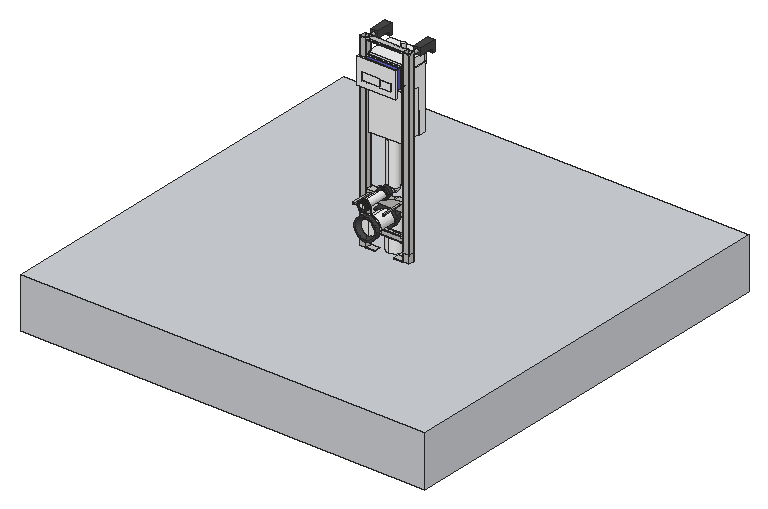
Revit family "IS_Prosys_E2332_BIM_NL", category Plumbing Fixtures, host Face, Revit 2019
Family settings
  Host = Face
  Round Connector Dimension = Use Diameter
  Part Type = Normal
  OmniClass Number = 23.45.05.21.11.11
  OmniClass Title = Water Operated Water Closets
  Cut with Voids When Loaded = No
  Shared = Yes
  Room Calculation Point = No
Parameters (values of type "E2332AC - ECO WC FRAME CL1 OLEAS M2 WHITE F/PLATE")
  WaterEfficientProduct = no
  WarrantyStartDate [instance] = "1900-12-31T23:59:59"
  WarrantyGuarantorParts = Manufacturer  # "https://www.idealstandard.nl/"
  WarrantyGuarantorLabor = "n/a"
  WarrantyDurationUnit = "year"
  WarrantyDurationParts = "5"
  WarrantyDurationLabor = "n/a"
  WarrantyDescription = "Manufacturers Warranty"
  WRAS = no
  WFU = 0
  VolumeUnits = "Litres"
  Version = "1"
  Uniclass2015Version = "V1.20"
  Uniclass2015Title = "WC pan backrests"
  Uniclass2015Reference = "Pr_40_20_76_98"
  Uniclass2015Description = "WC pan backrests"
  Uniclass2015Code = "Pr_40_20_76_98"
  Uniclass2 = "Pr_40_20_93_89"
  URL = "www.idealstandard.nl"
  Type Comments = "n/a"
  ToiletType = "Other"
  ToiletPanType = "WashDown"
  TagNumber [instance] = "n/a"
  SustainabilityPerformance = "n/a"
  SpilloverLevel = 0 mm
  Space = "Internal"
  Size = "300 x 190 x 1082 mm"
  Shape = "Sculptured"
  SerialNumber [instance] = "n/a"
  Revision = "n/a"
  ReplacementCost = "n/a"
  ProductInformation = "https://www.idealstandard.nl/producten/catalogus/inbouwspoelreservoirs/toilet-frames"
  Phone = "077 355 08 08"
  PanMounting = "n/a"
  PanMaterial = "n/a"
  PanColor = "n/a"
  NominalWidth = 300 mm
  NominalLength = 190 mm
  NominalHeight = 1081.768 mm
  NominalDepth = 190 mm
  NettWeight = "11.50 Kg"
  Name = "WCpanbackrests_Prossys_R0279_IdealStandard"
  NBSTypeID = "n/a"
  NBSReference = "45-35-72/382"
  NBSOfficeMasterTag = "n/a"
  NBSNote = "n/a"
  NBSDescription = "WC pan backrests"
  NBSCertification = "n/a"
  ModelReference = Description  # "PROSYS ECO WC FRAME CLASS 1 300MM WIDE X 1150MM HIGH MECHANICAL"
  ModelNumber = Model  # "E2332AC"
  Model = "E2332AC"
  Max_Component_Height(0-200mm) [instance] = 50 mm
  Max_Component_Height [instance] = if([Max_Component_Height(0-200mm)] > 200 mm, 200 mm, if([Max_Component_Height(0-200mm)] < 0 mm, 0 mm, [Max_Component_Height(0-200mm)]))  # 50 mm
  ManufacturerURL = "www.idealstandard.nl"
  Manufacturer = "https://www.idealstandard.nl/"
  LinearUnits = "millimeters"
  Keynote = "n/a"
  InstallationInstructions = "https://www.idealstandard.nl/producten/catalogus/inbouwspoelreservoirs/toilet-frames"
  InstallationDate [instance] = "1900-12-31T23:59:59"
  IfcExportType = "CISTERN"
  IfcExportAs = "IfcSanitaryTerminalType"
  Help = "https://www.idealstandard.nl/over-ons/contact-service"
  HWFU = 0
  GrossWeight = "n/a"
  Grade = "n/a"
  Flush_Distance(10-90mm) [instance] = 50 mm
  Flush_Distance [instance] = if([Flush_Distance(10-90mm)] > 90 mm, 90 mm, if([Flush_Distance(10-90mm)] < 10 mm, 10 mm, [Flush_Distance(10-90mm)]))  # 50 mm
  FlushPlate_Material = PVC_White
  Finish = "White"
  Features = "WC FRAME CLASS 1 300MM WIDE X 1150MM HIGH MECHANICAL"
  ExpectedLife = "30"
  ECA = no
  DurationUnit = "year"
  DistributedBy = "n/a"
  Description = "PROSYS ECO WC FRAME CLASS 1 300MM WIDE X 1150MM HIGH MECHANICAL"
  Default Elevation = 0 mm
  CurrencyUnit = "n/a"
  CreatedOn = "2019-12-08"
  Cost = 0
  Constituents = "n/a"
  ConnectionType = "Plumbing"
  CodePerformance = "n/a"
  Category = "n/a"
  CWFU = 0
  Brand = "Ideal Standrad"
  BarCode = "3391500584099"
  BREEAMApproved = no
  BIMObjectName = "IS_IdealStandard_WCpanbackrests_Prosys_E2332"
  Author = "Ideal Standard"
  AssetType = "Fixed"
  AssetIdentifier [instance] = "n/a"
  Assembly Code = "C1030200"
  AreaUnits = "millimeters"
  AreaMeasurement = "n/a"
  Accessories = "https://www.idealstandard.nl/producten/collecties/prosys"
  AccessibilityPerformance = "n/a"
Types (2, lengths in mm): name | ModelNumber | Model | FlushPlate_Material | Finish | BarCode
  E2332AA - ECO WC FRAME CL1 OLEAS M2 CHROME F/PLATE | "E2332AA" | "E2332AA" | Chrome_Polished | "Chrome" | "3391500584082"
  E2332AC - ECO WC FRAME CL1 OLEAS M2 WHITE F/PLATE | "E2332AC" | "E2332AC" | PVC_White | "White" | "3391500584099"
Reference planes
  plane 1 "Center (Front/Back)": y = 0
  plane 2: z = 0
  plane 3 "Center (Left/Right)": x = 0
  plane 4: y = 0
  plane 5: z = 0
  plane 6: y = -50
  plane 7: z = 51.768
  plane 8: z = 1.768
  plane 9: z = 922.518
Forms (mm)
  Extrusion 1, solid
    sketch origin (0, 0, 0) x (1, 0, 0) y (0, 1, 0)
      loop
        line (-1219.2, 1219.2) -> (-1219.2, -1219.2) -> (1219.2, -1219.2) -> (1219.2, 1219.2) -> (-1219.2, 1219.2)
    from 0 to -304.8
  Extrusion 2, solid, material "Steel"
    sketch origin (-131.695, 30.48, 51.768) x (-1, 0, 0) y (0, -1, 0)
      loop
        arc (18, 27.473) -> (17.119, 29.599) -> (14.993, 30.48) r 3.007
        line (14.993, 30.48) -> (-18.965, 30.48)
        arc (-18.965, 30.48) -> (-21.111, 29.591) -> (-22, 27.445) r 3.035
        line (-22, 27.445) -> (-22, -6.493)
        arc (-22, -6.493) -> (-21.114, -8.634) -> (-18.973, -9.52) r 3.027
        line (-18.973, -9.52) -> (15.014, -9.52)
        arc (15.014, -9.52) -> (17.125, -8.645) -> (18, -6.534) r 2.986
        line (18, -6.534) -> (18, 27.473)
      loop
        line (-19.035, -7.52) -> (15.021, -7.52)
        arc (15.021, -7.52) -> (15.713, -7.233) -> (16, -6.541) r 0.979
        line (16, -6.541) -> (16, 27.474)
        arc (16, 27.474) -> (15.705, 28.185) -> (14.994, 28.48) r 1.006
        line (14.994, 28.48) -> (-18.971, 28.48)
        arc (-18.971, 28.48) -> (-19.699, 28.179) -> (-20, 27.451) r 1.029
        line (-20, 27.451) -> (-20, -6.555)
        arc (-20, -6.555) -> (-19.717, -7.237) -> (-19.035, -7.52) r 0.965
    from 0 to 1080
  Extrusion 3, solid, material "Steel"
    sketch origin (132.305, 30.48, 51.768) x (1, 0, 0) y (0, 1, 0)
      loop
        line (18, -27.473) -> (18, 6.534)
        arc (18, 6.534) -> (17.125, 8.645) -> (15.014, 9.52) r 2.986
        line (15.014, 9.52) -> (-18.973, 9.52)
        arc (-18.973, 9.52) -> (-21.114, 8.634) -> (-22, 6.493) r 3.027
        line (-22, 6.493) -> (-22, -27.445)
        arc (-22, -27.445) -> (-21.111, -29.591) -> (-18.965, -30.48) r 3.035
        line (-18.965, -30.48) -> (14.993, -30.48)
        arc (14.993, -30.48) -> (17.119, -29.599) -> (18, -27.473) r 3.007
      loop
        arc (-19.035, 7.52) -> (-19.717, 7.237) -> (-20, 6.555) r 0.965
        line (-20, 6.555) -> (-20, -27.451)
        arc (-20, -27.451) -> (-19.699, -28.179) -> (-18.971, -28.48) r 1.029
        line (-18.971, -28.48) -> (14.994, -28.48)
        arc (14.994, -28.48) -> (15.705, -28.185) -> (16, -27.474) r 1.006
        line (16, -27.474) -> (16, 6.541)
        arc (16, 6.541) -> (15.713, 7.233) -> (15.021, 7.52) r 0.979
        line (15.021, 7.52) -> (-19.035, 7.52)
    from 0 to 1080
  Extrusion 4, solid, material "Steel"
    sketch origin (-1523.695, 0, -0.232) x (1, 0, 0) y (0, 1, 0)
      loop
        arc (1376.979, 38) -> (1376.287, 37.713) -> (1376, 37.021) r 0.979
        line (1376, 37.021) -> (1376, 3.006)
        arc (1376, 3.006) -> (1376.295, 2.295) -> (1377.006, 2) r 1.006
        line (1377.006, 2) -> (1410.971, 2)
        arc (1410.971, 2) -> (1411.699, 2.301) -> (1412, 3.029) r 1.029
        line (1412, 3.029) -> (1412, 37.035)
        arc (1412, 37.035) -> (1411.717, 37.717) -> (1411.035, 38) r 0.965
        line (1411.035, 38) -> (1376.979, 38)
    from 0 to 52
  Extrusion 5, solid, material "Steel"
    sketch origin (1524.305, 0, -0.232) x (-1, 0, 0) y (0, -1, 0)
      loop
        line (1376.979, -38) -> (1411.035, -38)
        arc (1411.035, -38) -> (1411.717, -37.717) -> (1412, -37.035) r 0.965
        line (1412, -37.035) -> (1412, -3.029)
        arc (1412, -3.029) -> (1411.699, -2.301) -> (1410.971, -2) r 1.029
        line (1410.971, -2) -> (1377.006, -2)
        arc (1377.006, -2) -> (1376.295, -2.295) -> (1376, -3.006) r 1.006
        line (1376, -3.006) -> (1376, -37.021)
        arc (1376, -37.021) -> (1376.287, -37.713) -> (1376.979, -38) r 0.979
    from 0 to 52
  Extrusion 6, solid, material "Steel"
    sketch origin (-1523.695, 0, -0.232) x (1, 0, 0) y (0, 1, 0)
      loop
        line (1412, 0) -> (1467, 0) -> (1467, 40) -> (1412, 40) -> (1412, 0)
    from 0 to 2
  Extrusion 7, solid, material "Steel"
    sketch origin (1524.305, 0, -0.232) x (-1, 0, 0) y (0, -1, 0)
      loop
        line (1412, 0) -> (1412, -40) -> (1467, -40) -> (1467, 0) -> (1412, 0)
    from 0 to 2
  Extrusion 8, solid, material "Steel"
    sketch origin (0.305, -1524, -18.232) x (0, 1, 0) y (0, 0, 1)
      loop
        line (1550.952, 150) -> (1527.001, 150)
        arc (1527.001, 150) -> (1524.879, 149.121) -> (1524, 146.999) r 3.001
        line (1524, 146.999) -> (1524, 122.952)
        arc (1524, 122.952) -> (1524.865, 120.865) -> (1526.952, 120) r 2.952
        line (1526.952, 120) -> (1550.952, 120)
        arc (1550.952, 120) -> (1553.107, 120.893) -> (1554, 123.048) r 3.048
        line (1554, 123.048) -> (1554, 146.952)
        arc (1554, 146.952) -> (1553.107, 149.107) -> (1550.952, 150) r 3.048
    from -110 to 110
  Extrusion 9, solid, material "Steel"
    sketch origin (0.305, -1524, -18.232) x (0, 1, 0) y (0, 0, 1)
      loop
        line (1561.012, 1150) -> (1527.036, 1150)
        arc (1527.036, 1150) -> (1524.889, 1149.111) -> (1524, 1146.964) r 3.036
        line (1524, 1146.964) -> (1524, 1142) -> (1525.5, 1142) -> (1525.5, 1147.004)
        arc (1525.5, 1147.004) -> (1525.938, 1148.062) -> (1526.996, 1148.5) r 1.496
        line (1526.996, 1148.5) -> (1560.984, 1148.5)
        arc (1560.984, 1148.5) -> (1562.056, 1148.056) -> (1562.5, 1146.984) r 1.516
        line (1562.5, 1146.984) -> (1562.5, 1142) -> (1564, 1142) -> (1564, 1147.012)
        arc (1564, 1147.012) -> (1563.125, 1149.125) -> (1561.012, 1150) r 2.988
    from -110 to 110
  Extrusion 10, solid, material "Rubber_Black"
    sketch origin (-149.695, 190, 1131.768) x (0, 0, -1) y (0, -1, 0)
      loop
        line (0, 105) -> (0, 0) -> (65, 0) -> (65, 10) -> (56, 10)
        arc (56, 10) -> (45.393, 14.393) -> (41, 25) r 15
        line (41, 25) -> (41, 105) -> (0, 105)
    from 0 to -40
  Extrusion 11, solid, material "Rubber_Black"
    sketch origin (150.305, 190, 1131.768) x (0, 0, -1) y (0, 1, 0)
      loop
        line (0, -105) -> (41, -105) -> (41, -25)
        arc (41, -25) -> (45.393, -14.393) -> (56, -10) r 15
        line (56, -10) -> (65, -10) -> (65, 0) -> (0, 0) -> (0, -105)
    from 0 to -40
  Extrusion 12, solid, material "Steel"
    sketch origin (-149.695, 85, 1090.768) x (0, 0, 1) y (-1, 0, 0)
      loop
        circle (20.982, -19.986) r 7.741
    from 0 to 45
  Extrusion 13, solid, material "Steel"
    sketch origin (150.305, 85, 1090.768) x (0, 0, 1) y (-1, 0, 0)
      loop
        circle (20.982, 19.986) r 7.741
    from 0 to 45
  Extrusion 14, solid, material "Steel"
    sketch origin (-1523.695, 0, -18.232) x (1, 0, 0) y (0, 0, 1)
      loop
        line (1480.405, 328.343) -> (1460.973, 334.611)
        arc (1460.973, 334.611) -> (1437.775, 340.141) -> (1414, 342) r 153
        line (1414, 342) -> (1414, 285) -> (1634, 285) -> (1634, 342)
        arc (1634, 342) -> (1610.225, 340.141) -> (1587.027, 334.611) r 153
        line (1587.027, 334.611) -> (1567.595, 328.343)
        arc (1567.595, 328.343) -> (1524, 321.485) -> (1480.405, 328.343) r 142
    from 0 to -40
  Extrusion 15, void
    sketch origin (0.305, 38.5, 1123.768) x (0, 0, -1) y (-1, 0, 0)
      loop
        line (816.513, -44.517) -> (810.244, -63.948)
        arc (810.244, -63.948) -> (804.822, -86.691) -> (803, -110) r 150
        line (803, -110) -> (854, -110) -> (854, 110) -> (803, 110)
        arc (803, 110) -> (804.822, 86.691) -> (810.244, 63.948) r 150
        line (810.244, 63.948) -> (816.513, 44.517)
        arc (816.513, 44.517) -> (823.515, 0) -> (816.513, -44.517) r 145
    from -26 to 28.6
  Extrusion 16, solid, material "Steel"
    sketch origin (90.305, -120, 301.768) x (-1, 0, 0) y (0, 0, -1)
      loop
        circle (-0.002, -0.002) r 5.998
    from 0 to -200.193
  Extrusion 17, solid, material "Steel"
    sketch origin (-89.695, -120, 301.768) x (1, 0, 0) y (0, 0, 1)
      loop
        circle (-0.002, 0.002) r 5.998
    from 0 to -200.193
  Extrusion 18, solid, material "PVC_White"
    sketch origin (0.305, 97.1, 627.268) x (1, 0, 0) y (0, 1, 0)
      loop
        arc (-99, 89) -> (-106.071, 86.071) -> (-109, 79) r 10
        line (-109, 79) -> (-109, -77.269)
        arc (-109, -77.269) -> (-105.786, -85.027) -> (-98.028, -88.241) r 10.972
        line (-98.028, -88.241) -> (98, -88.241)
        arc (98, -88.241) -> (105.778, -85.019) -> (109, -77.241) r 11
        line (109, -77.241) -> (109, 79)
        arc (109, 79) -> (106.071, 86.071) -> (99, 89) r 10
        line (99, 89) -> (-99, 89)
    from 0 to 375
  Extrusion 19, void
    sketch origin (0.305, 97.1, 990.268) x (0, 1, 0) y (-1, 0, 0)
      loop
        line (63.144, 114.853) -> (93.144, 84.853) -> (93.144, 114.853) -> (63.144, 114.853)
      loop
        line (63.144, -114.853) -> (93.144, -114.853) -> (93.144, -84.853) -> (63.144, -114.853)
    from 0 to -383.5
  Extrusion 20, void
    sketch origin (-32.249, 176.479, 1200.968) x (1, 0, 0) y (0, 0, 1)
      loop
        line (-8.995, -261.702) -> (-11.718, -573.7) -> (76.827, -573.7) -> (74.104, -261.702) -> (-8.995, -261.702)
    from 0 to -26.572
  Extrusion 21, void
    sketch origin (100.302, 166.614, 1200.968) x (0, -1, 0) y (0, 0, 1)
      loop
        line (40.554, -308.7) -> (38.241, -573.7) -> (128.786, -573.7) -> (126.325, -291.7) -> (92.702, -291.7) -> (92.554, -308.7) -> (40.554, -308.7)
    from -14.855 to -0.174
  Extrusion 22, void
    sketch origin (-99.693, 166.614, 1200.968) x (0, -1, 0) y (0, 0, -1)
      loop
        line (40.554, 308.7) -> (92.554, 308.7) -> (92.702, 291.7) -> (126.325, 291.7) -> (128.786, 573.7) -> (38.241, 573.7) -> (40.554, 308.7)
    from -14.855 to -0.174
  Extrusion 23, solid, material "PVC_White"
    sketch origin (0.305, 97.1, 1002.268) x (1, 0, 0) y (0, 1, 0)
      loop
        arc (-98.197, 88.197) -> (-105.268, 85.268) -> (-108.197, 78.197) r 10
        line (-108.197, 78.197) -> (-108.197, -87.914) -> (108.197, -87.914) -> (108.197, 78.197)
        arc (108.197, 78.197) -> (105.268, 85.268) -> (98.197, 88.197) r 10
        line (98.197, 88.197) -> (-98.197, 88.197)
    from 0 to 6.428
  Extrusion 24, solid, material "PVC_White"
    sketch origin (0.305, 97.1, 1008.697) x (1, 0, 0) y (0, 1, 0)
      loop
        line (98.348, 85.322) -> (-98.293, 85.322)
        arc (-98.293, 85.322) -> (-103.263, 83.263) -> (-105.322, 78.293) r 7.029
        line (-105.322, 78.293) -> (-105.322, -80.227)
        arc (-105.322, -80.227) -> (-103.277, -85.163) -> (-98.342, -87.207) r 6.98
        line (-98.342, -87.207) -> (98.281, -87.207)
        arc (98.281, -87.207) -> (103.26, -85.145) -> (105.322, -80.166) r 7.041
        line (105.322, -80.166) -> (105.322, 78.348)
        arc (105.322, 78.348) -> (103.279, 83.279) -> (98.348, 85.322) r 6.974
    from 0 to 48.572
  Extrusion 25, solid, material "PVC_White"
    sketch origin (96.085, 17.32, 1200.968) x (1, 0, 0) y (0, 0, 1)
      loop
        line (4.194, -153.7) -> (-195.774, -153.7)
        arc (-195.774, -153.7) -> (-201.435, -156.045) -> (-203.78, -161.706) r 8.006
        line (-203.78, -161.706) -> (-203.78, -279.7)
        arc (-203.78, -279.7) -> (-202.315, -283.236) -> (-198.78, -284.7) r 5
        line (-198.78, -284.7) -> (7.22, -284.7)
        arc (7.22, -284.7) -> (10.756, -283.236) -> (12.22, -279.7) r 5
        line (12.22, -279.7) -> (12.22, -161.726)
        arc (12.22, -161.726) -> (9.869, -156.051) -> (4.194, -153.7) r 8.026
    from 8.461 to 18.957
  Extrusion 26, solid, material "Plastic_Blue"
    sketch origin (0.305, -46.75, 981.768) x (-1, 0, 0) y (0, 0, -1)
      loop
        line (-89.195, -59.25) -> (89.195, -59.25) -> (92, -56.445) -> (92, 56.445) -> (89.195, 59.25) -> (-89.195, 59.25) -> (-92, 56.445) -> (-92, -56.445) -> (-89.195, -59.25)
    from 3.25 to -89.75
  Extrusion 27, solid, material "Chrome_Polished"
    sketch origin (0.305, 143.9, 1080.235) x (0, 1, 0) y (-1, 0, 0)
      loop
        circle (0, 0) r 10.5
    from 0 to -29.466
  Revolve 28, solid, material "PVC_White"
    sketch origin (0.305, -1524, -18.232) x (0, 1, 0) y (0, 0, 1)
      loop
        line (1590.1, 625) -> (1590.1, 365.951) -> (1624.377, 365.951) -> (1624.377, 625) -> (1590.1, 625)
      axis (1590.1, 625) -> (1590.1, 365.951)
    angle from 0 to 360
  Revolve 29, solid, material "Rubber_Black"
    sketch origin (0.305, -1524, -18.232) x (0, 1, 0) y (0, 0, 1)
      loop
        line (1627.54, 637.809) -> (1635.312, 637.809) -> (1635.577, 645.5) -> (1590.1, 645.5) -> (1590.1, 625) -> (1621.421, 625) -> (1621.421, 632.572) -> (1627.54, 637.809)
      axis (1590.1, 645.5) -> (1590.1, 625)
    angle from 0 to 360
  Revolve 30, solid, material "PVC_White"
    sketch origin (0.305, -1524, -18.232) x (0, 1, 0) y (0, 0, 1)
      loop
        line (1590.1, 355) -> (1590.1, 377.613) -> (1380.64, 377.613) -> (1380.64, 379.953) -> (1378.14, 379.953) -> (1378.14, 377.613) -> (1355.922, 377.613) -> (1355.922, 355) -> (1380.64, 355) -> (1590.1, 355)
      axis (1355.922, 355) -> (1590.1, 355)
    angle from 0 to 360
  Revolve 31, solid, material "Rubber_Black"
    sketch origin (0.305, -1524, -18.232) x (0, 1, 0) y (0, 0, 1)
      loop
        line (1504.35, 385.25) -> (1504.35, 355) -> (1544.35, 355) -> (1544.35, 383.235) -> (1524, 383.235)
        arc (1524, 383.235) -> (1516.911, 388.194) -> (1508.776, 385.25) r 9.388
        line (1508.776, 385.25) -> (1504.35, 385.25)
      axis (1504.35, 355) -> (1544.35, 355)
    angle from 0 to 360
  Revolve 32, solid, material "PVC_White"
    sketch origin (0.305, -1524, -18.232) x (0, 1, 0) y (0, 0, 1)
      loop
        line (1590.1, 400.383) -> (1590.1, 331.519)
        arc (1590.1, 331.519) -> (1624.532, 365.951) -> (1590.1, 400.383) r 34.432
      axis (1590.1, 400.383) -> (1590.1, 331.519)
    angle from 0 to 360
  Revolve 33, solid, material "Rubber_Black"
    sketch origin (0.305, -1524, -18.232) x (0, 1, 0) y (0, 0, 1)
      loop
        line (1355.922, 375) -> (1377.376, 375) -> (1377.376, 378.426) -> (1374.72, 378.426) -> (1374.72, 385.012) -> (1373.677, 385.012) -> (1371.842, 378.426) -> (1368.84, 378.426) -> (1368.84, 385.012) -> (1367.663, 385.012) -> (1365.828, 378.426) -> (1362.96, 378.426) -> (1362.96, 385.012) -> (1361.936, 385.012) -> (1360.101, 378.426) -> (1357.165, 378.426) -> (1357.165, 385.012) -> (1355.922, 385.012) -> (1354.087, 378.426) -> (1352.386, 378.426) -> (1352.386, 375) -> (1355.922, 375)
      axis (1352.386, 355) -> (1377.376, 355)
    angle from 0 to 360
  Revolve 34, solid, material "PVC_White"
    sketch origin (0.305, -1524, -18.232) x (0, 1, 0) y (0, 0, 1)
      loop
        line (1598.811, -65.589) -> (1598.811, 220) -> (1554, 220) -> (1554, -65.589) -> (1598.811, -65.589)
      axis (1598.811, -65.589) -> (1598.811, 220)
    angle from 0 to 360
  Revolve 35, solid, material "PVC_White"
    sketch origin (0.305, -1524, -18.232) x (0, 1, 0) y (0, 0, 1)
      loop
        line (1598.811, 264.811) -> (1598.811, 175.189)
        arc (1598.811, 175.189) -> (1643.622, 220) -> (1598.811, 264.811) r 44.811
      axis (1598.811, 175.189) -> (1598.811, 264.811)
    angle from 0 to 360
  Revolve 36, solid, material "PVC_White"
    sketch origin (0.305, -1524, -18.232) x (0, 1, 0) y (0, 0, 1)
      loop
        line (1402.034, 220) -> (1598.811, 220) -> (1598.811, 265) -> (1428.581, 265) -> (1417.034, 285) -> (1402.034, 285) -> (1402.034, 220)
      axis (1402.034, 220) -> (1598.811, 220)
    angle from 0 to 360
  Revolve 37, solid, material "Rubber_Black"
    sketch origin (0.305, -1524, -18.232) x (0, 1, 0) y (0, 0, 1)
      loop
        line (1402.034, 175) -> (1379.534, 161.528) -> (1379.534, 152.658) -> (1402.034, 152.658) -> (1402.034, 175)
      axis (1379.534, 220) -> (1402.034, 220)
    angle from 0 to 360
  Revolve 38, solid, material "Rubber_Black"
    sketch origin (0.305, -1524, -18.232) x (0, 1, 0) y (0, 0, 1)
      loop
        line (1652.666, -72.5) -> (1654.352, -66.207) -> (1654.352, -18.582) -> (1647.055, -18.582) -> (1647.055, -4) -> (1652.055, -4) -> (1650.748, 10.943) -> (1644.426, 10.943) -> (1644.426, -72.5) -> (1652.666, -72.5)
      axis (1598.811, -72.5) -> (1598.811, 10.943)
    angle from 0 to 360
  Extrusion 39, solid, material "Rubber_Black"
    sketch origin (0.305, 41.061, 201.768) x (0, 0, 1) y (1, 0, 0)
      loop
        circle (0, 0) r 45
      loop
        arc (57.532, 35) -> (43.587, 51.333) -> (25.21, 62.445) r 67.342
        line (25.21, 62.445) -> (0, 58.472)
        arc (0, 58.472) -> (-41.346, 41.346) -> (-58.472, 0) r 58.472
        arc (-58.472, 0) -> (-30.822, -49.689) -> (25.979, -52.384) r 58.472
        line (25.979, -52.384) -> (9.883, -68.48) -> (13.418, -72.016) -> (57.532, -35) -> (65, -35) -> (65, 35) -> (57.532, 35)
    from 0 to -28.561
  Extrusion 40, void
    sketch origin (0.305, -1524, -18.232) x (0, -1, 0) y (0, 0, 1)
      loop
        line (-1704.788, 640.983) -> (-1711.254, 1011.389) -> (-1731.254, 1011.389) -> (-1731.254, 640.983) -> (-1704.788, 640.983)
    from -195.551 to 250
  Extrusion 41, solid, material "PVC_White" <- "FlushPlate_Material"
    sketch origin (0.305, -50, 981.768) x (-1, 0, 0) y (0, 0, -1)
      loop
        line (117, -77) -> (117, 77) -> (-117, 77) -> (-117, -77) -> (117, -77)
      loop
        line (92, 0) -> (92, 46.203) -> (-88.996, 46.203) -> (-88.996, 0) -> (92, 0)
      loop
        line (90.626, 1.62) -> (90.626, 44.696) -> (-17.375, 44.696) -> (-17.375, 1.62) -> (90.626, 1.62)
      loop
        line (-19.908, 1.62) -> (-19.908, 44.696) -> (-86.942, 44.696) -> (-86.942, 1.62) -> (-19.908, 1.62)
    from 0 to 8.5
  Extrusion 42, solid, material "Steel", not visible
    sketch origin (-131.695, 30.48, 69.768) x (-1, 0, 0) y (0, -1, 0)
      loop
        arc (18, 27.473) -> (17.119, 29.599) -> (14.993, 30.48) r 3.007
        line (14.993, 30.48) -> (-18.965, 30.48)
        arc (-18.965, 30.48) -> (-21.111, 29.591) -> (-22, 27.445) r 3.035
        line (-22, 27.445) -> (-22, -6.493)
        arc (-22, -6.493) -> (-21.114, -8.634) -> (-18.973, -9.52) r 3.027
        line (-18.973, -9.52) -> (15.014, -9.52)
        arc (15.014, -9.52) -> (17.125, -8.645) -> (18, -6.534) r 2.986
        line (18, -6.534) -> (18, 27.473)
      loop
        line (-19.035, -7.52) -> (15.021, -7.52)
        arc (15.021, -7.52) -> (15.713, -7.233) -> (16, -6.541) r 0.979
        line (16, -6.541) -> (16, 27.474)
        arc (16, 27.474) -> (15.705, 28.185) -> (14.994, 28.48) r 1.006
        line (14.994, 28.48) -> (-18.971, 28.48)
        arc (-18.971, 28.48) -> (-19.699, 28.179) -> (-20, 27.451) r 1.029
        line (-20, 27.451) -> (-20, -6.555)
        arc (-20, -6.555) -> (-19.717, -7.237) -> (-19.035, -7.52) r 0.965
    from 0 to 1080
  Extrusion 43, solid, material "Steel", not visible
    sketch origin (132.305, 30.48, 69.768) x (1, 0, 0) y (0, 1, 0)
      loop
        line (18, -27.473) -> (18, 6.534)
        arc (18, 6.534) -> (17.125, 8.645) -> (15.014, 9.52) r 2.986
        line (15.014, 9.52) -> (-18.973, 9.52)
        arc (-18.973, 9.52) -> (-21.114, 8.634) -> (-22, 6.493) r 3.027
        line (-22, 6.493) -> (-22, -27.445)
        arc (-22, -27.445) -> (-21.111, -29.591) -> (-18.965, -30.48) r 3.035
        line (-18.965, -30.48) -> (14.993, -30.48)
        arc (14.993, -30.48) -> (17.119, -29.599) -> (18, -27.473) r 3.007
      loop
        arc (-19.035, 7.52) -> (-19.717, 7.237) -> (-20, 6.555) r 0.965
        line (-20, 6.555) -> (-20, -27.451)
        arc (-20, -27.451) -> (-19.699, -28.179) -> (-18.971, -28.48) r 1.029
        line (-18.971, -28.48) -> (14.994, -28.48)
        arc (14.994, -28.48) -> (15.705, -28.185) -> (16, -27.474) r 1.006
        line (16, -27.474) -> (16, 6.541)
        arc (16, 6.541) -> (15.713, 7.233) -> (15.021, 7.52) r 0.979
        line (15.021, 7.52) -> (-19.035, 7.52)
    from 0 to 1080
  Extrusion 44, solid, material "Steel", not visible
    sketch origin (0.305, -1524, -0.232) x (0, 1, 0) y (0, 0, 1)
      loop
        line (1550.952, 150) -> (1527.001, 150)
        arc (1527.001, 150) -> (1524.879, 149.121) -> (1524, 146.999) r 3.001
        line (1524, 146.999) -> (1524, 122.952)
        arc (1524, 122.952) -> (1524.865, 120.865) -> (1526.952, 120) r 2.952
        line (1526.952, 120) -> (1550.952, 120)
        arc (1550.952, 120) -> (1553.107, 120.893) -> (1554, 123.048) r 3.048
        line (1554, 123.048) -> (1554, 146.952)
        arc (1554, 146.952) -> (1553.107, 149.107) -> (1550.952, 150) r 3.048
    from -110 to 110
  Extrusion 45, solid, material "Steel", not visible
    sketch origin (0.305, -1524, -0.232) x (0, 1, 0) y (0, 0, 1)
      loop
        line (1561.012, 1150) -> (1527.036, 1150)
        arc (1527.036, 1150) -> (1524.889, 1149.111) -> (1524, 1146.964) r 3.036
        line (1524, 1146.964) -> (1524, 1142) -> (1525.5, 1142) -> (1525.5, 1147.004)
        arc (1525.5, 1147.004) -> (1525.938, 1148.062) -> (1526.996, 1148.5) r 1.496
        line (1526.996, 1148.5) -> (1560.984, 1148.5)
        arc (1560.984, 1148.5) -> (1562.056, 1148.056) -> (1562.5, 1146.984) r 1.516
        line (1562.5, 1146.984) -> (1562.5, 1142) -> (1564, 1142) -> (1564, 1147.012)
        arc (1564, 1147.012) -> (1563.125, 1149.125) -> (1561.012, 1150) r 2.988
    from -110 to 110
  Extrusion 46, solid, material "Rubber_Black", not visible
    sketch origin (-149.695, 190, 1149.768) x (0, 0, -1) y (0, -1, 0)
      loop
        line (0, 105) -> (0, 0) -> (65, 0) -> (65, 10) -> (56, 10)
        arc (56, 10) -> (45.393, 14.393) -> (41, 25) r 15
        line (41, 25) -> (41, 105) -> (0, 105)
    from 0 to -40
  Extrusion 47, solid, material "Rubber_Black", not visible
    sketch origin (150.305, 190, 1149.768) x (0, 0, -1) y (0, 1, 0)
      loop
        line (0, -105) -> (41, -105) -> (41, -25)
        arc (41, -25) -> (45.393, -14.393) -> (56, -10) r 15
        line (56, -10) -> (65, -10) -> (65, 0) -> (0, 0) -> (0, -105)
    from 0 to -40
  Extrusion 48, solid, material "Steel", not visible
    sketch origin (-149.695, 85, 1108.768) x (0, 0, 1) y (-1, 0, 0)
      loop
        circle (20.982, -19.986) r 7.741
    from 0 to 45
  Extrusion 49, solid, material "Steel", not visible
    sketch origin (150.305, 85, 1108.768) x (0, 0, 1) y (-1, 0, 0)
      loop
        circle (20.982, 19.986) r 7.741
    from 0 to 45
  Extrusion 50, solid, material "Steel", not visible
    sketch origin (-1523.695, 0, -0.232) x (1, 0, 0) y (0, 0, 1)
      loop
        line (1480.405, 328.343) -> (1460.973, 334.611)
        arc (1460.973, 334.611) -> (1437.775, 340.141) -> (1414, 342) r 153
        line (1414, 342) -> (1414, 285) -> (1634, 285) -> (1634, 342)
        arc (1634, 342) -> (1610.225, 340.141) -> (1587.027, 334.611) r 153
        line (1587.027, 334.611) -> (1567.595, 328.343)
        arc (1567.595, 328.343) -> (1524, 321.485) -> (1480.405, 328.343) r 142
    from 0 to -40
  Extrusion 51, void, not visible
    sketch origin (0.305, 38.5, 1141.768) x (0, 0, -1) y (-1, 0, 0)
      loop
        line (816.513, -44.517) -> (810.244, -63.948)
        arc (810.244, -63.948) -> (804.822, -86.691) -> (803, -110) r 150
        line (803, -110) -> (854, -110) -> (854, 110) -> (803, 110)
        arc (803, 110) -> (804.822, 86.691) -> (810.244, 63.948) r 150
        line (810.244, 63.948) -> (816.513, 44.517)
        arc (816.513, 44.517) -> (823.515, 0) -> (816.513, -44.517) r 145
    from -26 to 28.6
  Extrusion 52, solid, material "Steel", not visible
    sketch origin (90.305, -120, 319.768) x (-1, 0, 0) y (0, 0, -1)
      loop
        circle (-0.002, -0.002) r 5.998
    from 0 to -200.193
  Extrusion 53, solid, material "Steel", not visible
    sketch origin (-89.695, -120, 319.768) x (1, 0, 0) y (0, 0, 1)
      loop
        circle (-0.002, 0.002) r 5.998
    from 0 to -200.193
  Extrusion 54, solid, material "PVC_White", not visible
    sketch origin (0.305, 97.1, 645.268) x (1, 0, 0) y (0, 1, 0)
      loop
        arc (-99, 89) -> (-106.071, 86.071) -> (-109, 79) r 10
        line (-109, 79) -> (-109, -77.269)
        arc (-109, -77.269) -> (-105.786, -85.027) -> (-98.028, -88.241) r 10.972
        line (-98.028, -88.241) -> (98, -88.241)
        arc (98, -88.241) -> (105.778, -85.019) -> (109, -77.241) r 11
        line (109, -77.241) -> (109, 79)
        arc (109, 79) -> (106.071, 86.071) -> (99, 89) r 10
        line (99, 89) -> (-99, 89)
    from 0 to 375
  Extrusion 55, void, not visible
    sketch origin (0.305, 97.1, 1008.268) x (0, 1, 0) y (-1, 0, 0)
      loop
        line (63.144, 114.853) -> (93.144, 84.853) -> (93.144, 114.853) -> (63.144, 114.853)
      loop
        line (63.144, -114.853) -> (93.144, -114.853) -> (93.144, -84.853) -> (63.144, -114.853)
    from 0 to -383.5
  Extrusion 56, void, not visible
    sketch origin (-32.249, 176.479, 1218.968) x (1, 0, 0) y (0, 0, 1)
      loop
        line (-8.995, -261.702) -> (-11.718, -573.7) -> (76.827, -573.7) -> (74.104, -261.702) -> (-8.995, -261.702)
    from 0 to -26.572
  Extrusion 57, void, not visible
    sketch origin (100.302, 166.614, 1218.968) x (0, -1, 0) y (0, 0, 1)
      loop
        line (40.554, -308.7) -> (38.241, -573.7) -> (128.786, -573.7) -> (126.325, -291.7) -> (92.702, -291.7) -> (92.554, -308.7) -> (40.554, -308.7)
    from -14.855 to -0.174
  Extrusion 58, void, not visible
    sketch origin (-99.693, 166.614, 1218.968) x (0, -1, 0) y (0, 0, -1)
      loop
        line (40.554, 308.7) -> (92.554, 308.7) -> (92.702, 291.7) -> (126.325, 291.7) -> (128.786, 573.7) -> (38.241, 573.7) -> (40.554, 308.7)
    from -14.855 to -0.174
  Extrusion 59, solid, material "PVC_White", not visible
    sketch origin (0.305, 97.1, 1020.268) x (1, 0, 0) y (0, 1, 0)
      loop
        arc (-98.197, 88.197) -> (-105.268, 85.268) -> (-108.197, 78.197) r 10
        line (-108.197, 78.197) -> (-108.197, -87.914) -> (108.197, -87.914) -> (108.197, 78.197)
        arc (108.197, 78.197) -> (105.268, 85.268) -> (98.197, 88.197) r 10
        line (98.197, 88.197) -> (-98.197, 88.197)
    from 0 to 6.428
  Extrusion 60, solid, material "PVC_White", not visible
    sketch origin (0.305, 97.1, 1026.697) x (1, 0, 0) y (0, 1, 0)
      loop
        line (98.348, 85.322) -> (-98.293, 85.322)
        arc (-98.293, 85.322) -> (-103.263, 83.263) -> (-105.322, 78.293) r 7.029
        line (-105.322, 78.293) -> (-105.322, -80.227)
        arc (-105.322, -80.227) -> (-103.277, -85.163) -> (-98.342, -87.207) r 6.98
        line (-98.342, -87.207) -> (98.281, -87.207)
        arc (98.281, -87.207) -> (103.26, -85.145) -> (105.322, -80.166) r 7.041
        line (105.322, -80.166) -> (105.322, 78.348)
        arc (105.322, 78.348) -> (103.279, 83.279) -> (98.348, 85.322) r 6.974
    from 0 to 48.572
  Extrusion 61, solid, material "PVC_White", not visible
    sketch origin (96.085, 17.32, 1218.968) x (1, 0, 0) y (0, 0, 1)
      loop
        line (4.194, -153.7) -> (-195.774, -153.7)
        arc (-195.774, -153.7) -> (-201.435, -156.045) -> (-203.78, -161.706) r 8.006
        line (-203.78, -161.706) -> (-203.78, -279.7)
        arc (-203.78, -279.7) -> (-202.315, -283.236) -> (-198.78, -284.7) r 5
        line (-198.78, -284.7) -> (7.22, -284.7)
        arc (7.22, -284.7) -> (10.756, -283.236) -> (12.22, -279.7) r 5
        line (12.22, -279.7) -> (12.22, -161.726)
        arc (12.22, -161.726) -> (9.869, -156.051) -> (4.194, -153.7) r 8.026
    from 8.461 to 18.957
  Extrusion 62, solid, material "Chrome_Polished", not visible
    sketch origin (0.305, 143.9, 1098.235) x (0, 1, 0) y (-1, 0, 0)
      loop
        circle (0, 0) r 10.5
    from 0 to -29.466
  Revolve 63, solid, material "PVC_White", not visible
    sketch origin (0.305, -1524, -0.232) x (0, 1, 0) y (0, 0, 1)
      loop
        line (1590.1, 625) -> (1590.1, 365.951) -> (1624.377, 365.951) -> (1624.377, 625) -> (1590.1, 625)
      axis (1590.1, 625) -> (1590.1, 365.951)
    angle from 0 to 360
  Revolve 64, solid, material "Rubber_Black", not visible
    sketch origin (0.305, -1524, -0.232) x (0, 1, 0) y (0, 0, 1)
      loop
        line (1627.54, 637.809) -> (1635.312, 637.809) -> (1635.577, 645.5) -> (1590.1, 645.5) -> (1590.1, 625) -> (1621.421, 625) -> (1621.421, 632.572) -> (1627.54, 637.809)
      axis (1590.1, 645.5) -> (1590.1, 625)
    angle from 0 to 360
  Revolve 65, solid, material "PVC_White", not visible
    sketch origin (0.305, -1524, -0.232) x (0, 1, 0) y (0, 0, 1)
      loop
        line (1590.1, 355) -> (1590.1, 377.613) -> (1380.64, 377.613) -> (1380.64, 379.953) -> (1378.14, 379.953) -> (1378.14, 377.613) -> (1355.922, 377.613) -> (1355.922, 355) -> (1380.64, 355) -> (1590.1, 355)
      axis (1355.922, 355) -> (1590.1, 355)
    angle from 0 to 360
  Revolve 66, solid, material "Rubber_Black", not visible
    sketch origin (0.305, -1524, -0.232) x (0, 1, 0) y (0, 0, 1)
      loop
        line (1504.35, 385.25) -> (1504.35, 355) -> (1544.35, 355) -> (1544.35, 383.235) -> (1524, 383.235)
        arc (1524, 383.235) -> (1516.911, 388.194) -> (1508.776, 385.25) r 9.388
        line (1508.776, 385.25) -> (1504.35, 385.25)
      axis (1504.35, 355) -> (1544.35, 355)
    angle from 0 to 360
  Revolve 67, solid, material "PVC_White", not visible
    sketch origin (0.305, -1524, -0.232) x (0, 1, 0) y (0, 0, 1)
      loop
        line (1590.1, 400.383) -> (1590.1, 331.519)
        arc (1590.1, 331.519) -> (1624.532, 365.951) -> (1590.1, 400.383) r 34.432
      axis (1590.1, 400.383) -> (1590.1, 331.519)
    angle from 0 to 360
  Revolve 68, solid, material "Rubber_Black", not visible
    sketch origin (0.305, -1524, -0.232) x (0, 1, 0) y (0, 0, 1)
      loop
        line (1355.922, 375) -> (1377.376, 375) -> (1377.376, 378.426) -> (1374.72, 378.426) -> (1374.72, 385.012) -> (1373.677, 385.012) -> (1371.842, 378.426) -> (1368.84, 378.426) -> (1368.84, 385.012) -> (1367.663, 385.012) -> (1365.828, 378.426) -> (1362.96, 378.426) -> (1362.96, 385.012) -> (1361.936, 385.012) -> (1360.101, 378.426) -> (1357.165, 378.426) -> (1357.165, 385.012) -> (1355.922, 385.012) -> (1354.087, 378.426) -> (1352.386, 378.426) -> (1352.386, 375) -> (1355.922, 375)
      axis (1352.386, 355) -> (1377.376, 355)
    angle from 0 to 360
  Revolve 69, solid, material "PVC_White", not visible
    sketch origin (0.305, -1524, -0.232) x (0, 1, 0) y (0, 0, 1)
      loop
        line (1598.811, -65.589) -> (1598.811, 220) -> (1554, 220) -> (1554, -65.589) -> (1598.811, -65.589)
      axis (1598.811, -65.589) -> (1598.811, 220)
    angle from 0 to 360
  Revolve 70, solid, material "PVC_White", not visible
    sketch origin (0.305, -1524, -0.232) x (0, 1, 0) y (0, 0, 1)
      loop
        line (1598.811, 264.811) -> (1598.811, 175.189)
        arc (1598.811, 175.189) -> (1643.622, 220) -> (1598.811, 264.811) r 44.811
      axis (1598.811, 175.189) -> (1598.811, 264.811)
    angle from 0 to 360
  Revolve 71, solid, material "PVC_White", not visible
    sketch origin (0.305, -1524, -0.232) x (0, 1, 0) y (0, 0, 1)
      loop
        line (1402.034, 220) -> (1598.811, 220) -> (1598.811, 265) -> (1428.581, 265) -> (1417.034, 285) -> (1402.034, 285) -> (1402.034, 220)
      axis (1402.034, 220) -> (1598.811, 220)
    angle from 0 to 360
  Revolve 72, solid, material "Rubber_Black", not visible
    sketch origin (0.305, -1524, -0.232) x (0, 1, 0) y (0, 0, 1)
      loop
        line (1402.034, 175) -> (1379.534, 161.528) -> (1379.534, 152.658) -> (1402.034, 152.658) -> (1402.034, 175)
      axis (1379.534, 220) -> (1402.034, 220)
    angle from 0 to 360
  Revolve 73, solid, material "Rubber_Black", not visible
    sketch origin (0.305, -1524, -0.232) x (0, 1, 0) y (0, 0, 1)
      loop
        line (1652.666, -72.5) -> (1654.352, -66.207) -> (1654.352, -18.582) -> (1647.055, -18.582) -> (1647.055, -4) -> (1652.055, -4) -> (1650.748, 10.943) -> (1644.426, 10.943) -> (1644.426, -72.5) -> (1652.666, -72.5)
      axis (1598.811, -72.5) -> (1598.811, 10.943)
    angle from 0 to 360
  Extrusion 74, solid, material "Rubber_Black", not visible
    sketch origin (0.305, 41.061, 219.768) x (0, 0, 1) y (1, 0, 0)
      loop
        circle (0, 0) r 45
      loop
        arc (57.532, 35) -> (43.587, 51.333) -> (25.21, 62.445) r 67.342
        line (25.21, 62.445) -> (0, 58.472)
        arc (0, 58.472) -> (-41.346, 41.346) -> (-58.472, 0) r 58.472
        arc (-58.472, 0) -> (-30.822, -49.689) -> (25.979, -52.384) r 58.472
        line (25.979, -52.384) -> (9.883, -68.48) -> (13.418, -72.016) -> (57.532, -35) -> (65, -35) -> (65, 35) -> (57.532, 35)
    from 0 to -28.561
  Extrusion 75, void, not visible
    sketch origin (0.305, -1524, -0.232) x (0, -1, 0) y (0, 0, 1)
      loop
        line (-1704.788, 640.983) -> (-1711.254, 1011.389) -> (-1731.254, 1011.389) -> (-1731.254, 640.983) -> (-1704.788, 640.983)
    from -195.551 to 250
  Extrusion 76, solid, material "Plastic_Blue", not visible
    sketch origin (0.305, -86.75, 981.768) x (-1, 0, 0) y (0, 0, -1)
      loop
        line (-89.195, -59.25) -> (89.195, -59.25) -> (92, -56.445) -> (92, 56.445) -> (89.195, 59.25) -> (-89.195, 59.25) -> (-92, 56.445) -> (-92, -56.445) -> (-89.195, -59.25)
    from 3.25 to -89.75
  Extrusion 77, solid, material "PVC_White" <- "FlushPlate_Material", not visible
    sketch origin (0.305, -90, 981.768) x (-1, 0, 0) y (0, 0, -1)
      loop
        line (117, -77) -> (117, 77) -> (-117, 77) -> (-117, -77) -> (117, -77)
      loop
        line (92, 0) -> (92, 46.203) -> (-88.996, 46.203) -> (-88.996, 0) -> (92, 0)
      loop
        line (90.626, 1.62) -> (90.626, 44.696) -> (-17.375, 44.696) -> (-17.375, 1.62) -> (90.626, 1.62)
      loop
        line (-19.908, 1.62) -> (-19.908, 44.696) -> (-86.942, 44.696) -> (-86.942, 1.62) -> (-19.908, 1.62)
    from 0 to 8.5
Cuts and joins
  Extrusion 19, Extrusion 20, Extrusion 21, Extrusion 22, Extrusion 40 cuts Extrusion 18
  Extrusion 15 cuts Extrusion 14
Dimensions and locks
  "Flush_Distance": plane 4 to plane 6
  "Max_Component_Height(0-200mm)": plane 7 to plane 8
  locked: plane 9 to plane 7 at 870.75
  locked: plane 8 to level at 1.768
  aligned and locked: plane 2 to Extrusion 1
  aligned and locked: level to Extrusion 1
  aligned and locked: plane 6 to Extrusion 26
  aligned and locked: plane 7 to Extrusion 5
  aligned and locked: plane 7 to Extrusion 4
  aligned and locked: Extrusion 3 to plane 7
  aligned and locked: Extrusion 26 to plane 9  (x2)
  aligned and locked: plane 8 to Extrusion 6
Automatic sketch dimensions
  Extrusion 1 sketch curve to Extrusion 1 sketch curve = 2438.4 mm  (x2)
  Extrusion 4 sketch curve to plane 1 "Center (Front/Back)" = 3.006 mm
  Extrusion 4 sketch curve to plane 3 "Center (Left/Right)" = 147.695 mm
  Extrusion 4 sketch curve to Extrusion 4 sketch curve = 0.979 mm
  Extrusion 4 sketch curve to Extrusion 4 sketch curve = 1.006 mm
  Extrusion 4 sketch curve to Extrusion 4 sketch curve = 33.965 mm
  Extrusion 4 sketch curve to Extrusion 4 sketch curve = 34.056 mm
  Extrusion 4 sketch curve to Extrusion 4 sketch curve = 1.029 mm
  Extrusion 4 sketch curve to Extrusion 4 sketch curve = 34.015 mm
  Extrusion 5 sketch curve to plane 1 "Center (Front/Back)" = 3.006 mm
  plane 3 "Center (Left/Right)" to Extrusion 5 sketch curve = 148.305 mm
  Extrusion 5 sketch curve to Extrusion 5 sketch curve = 0.979 mm
  Extrusion 5 sketch curve to Extrusion 5 sketch curve = 1.006 mm
  Extrusion 5 sketch curve to Extrusion 5 sketch curve = 33.965 mm
  Extrusion 5 sketch curve to Extrusion 5 sketch curve = 34.056 mm
  Extrusion 5 sketch curve to Extrusion 5 sketch curve = 1.029 mm
  Extrusion 5 sketch curve to Extrusion 5 sketch curve = 34.015 mm
  plane 1 "Center (Front/Back)" to Extrusion 6 sketch curve = 0 mm
  Extrusion 6 sketch curve to plane 1 "Center (Front/Back)" = 40 mm
  Extrusion 6 sketch curve to plane 3 "Center (Left/Right)" = 111.695 mm
  Extrusion 6 sketch curve to Extrusion 6 sketch curve = 55 mm
  plane 1 "Center (Front/Back)" to Extrusion 7 sketch curve = 0 mm
  Extrusion 7 sketch curve to plane 1 "Center (Front/Back)" = 40 mm
  plane 3 "Center (Left/Right)" to Extrusion 7 sketch curve = 112.305 mm
  Extrusion 7 sketch curve to Extrusion 7 sketch curve = 55 mm
Connectors
  piping at (0.305, 74.811, -90.732), diameter 110
    settings: on Revolve 38, index 3, connector inside diameter 24", connector length 0 mm, flow factor 0, pipe flow 0 GPM, pressure drop 0.00 psi, fitting loss kfactor 0, connector angle 0.00°, fixture units 0, engagement length 0 mm, angle of deflection 0.00°, flow configuration 2, flow direction 2, fitting loss method 0, system type 16, joint type 0, gender type 0, connector reference index -1, connector utility 0, adjustable connector no, is connector primary yes, connector description ""
  piping at (0.305, 143.9, 1080.235), diameter 21
    settings: on Extrusion 27, index 4, connector inside diameter 24", connector length 0 mm, flow factor 0, pipe flow 0 GPM, pressure drop 0.00 psi, fitting loss kfactor 0, connector angle 0.00°, fixture units 0, engagement length 0 mm, angle of deflection 0.00°, flow configuration 2, flow direction 1, fitting loss method 0, system type 20, joint type 0, gender type 0, connector reference index -1, connector utility 0, adjustable connector no, is connector primary no, connector description ""
